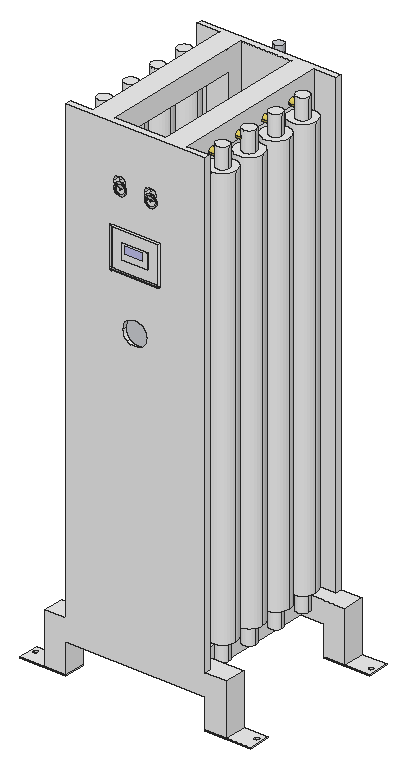
Revit family "Chaine de traitement par Absorption (support au sol) - AD5260", category Equipement spécialisé, Revit 2018
Family settings
  Cote de connecteur circulaire = Utiliser le diamètre
  Type d'élément = Normal
  Basée sur le plan de construction = Non
  Toujours verticalement = Oui
  Couper avec des vides une fois chargée = Non
  Partagée = Non
  Point de calcul de pièce = Non
Parameters (values of type "SEC 7 HC - AD 5260")
  TERRE = yes
  TENSION_ALIM = 230 V  # constant formula
  Rayon_Raccord_Face_Avant = 40 mm
  Rayon_Percement_Fixation_Sol = Diametre_Percement_Fixation_Sol / 2  # 7 mm
  Profondeur_Totale = 560 mm
  PUISS_ELECT_X = 0.15 kW
  PUISS_APPARENTE_X = PUISS_ELECT_X / COS_PHI  # 166.667 VA
  PROTEC_ELECT_X = "Disjoncteur courbe D - 1 A"
  POIDS(Kg) = 224 mm
  NEUTRE = yes
  NBR_POLES = 1
  Modèle = "SEC 7 HC - AD 5260"
  Lien espace client = "https://www.mils.fr/en/customers-area/"
  Largeur_Totale = 760 mm
  Largeur_Panneaux_Support = 460 mm
  LONGUEUR = Profondeur_Totale  # 560 mm
  LARGEUR = Largeur_Totale  # 760 mm
  Hauteur_Totale = 1690 mm
  Hauteur_Sol_Barres = 135 mm
  Hauteur_Rouleau = Hauteur_Totale - (Hauteur_Sol_Barres + E2)  # 1520 mm
  Hauteur_Manomètres = 1500 mm
  HAUTEUR = Hauteur_Totale  # 1690 mm
  Fabricant = "MIL'S"
  FREQUENCE = 50 Hz  # constant formula
  Epaisseur_Cache = 20 mm
  Epaisseur_Barre_Support = 70 mm
  Entraxe_Vertical_Fixation_Sol = 470 mm
  Entraxe_Rouleaux = 390 mm
  Entraxe_Manomètres = 100 mm
  Entraxe_Horizontal_Fixation_Sol = 730 mm
  Entraxe_Barres_Verticales = 310 mm
  Entraxe_Barres_Horizontales = 560 mm
  E2 = Epaisseur_Barre_Support / 2  # 35 mm
  E1 = Epaisseur_Barre_Support * 2  # 140 mm
  Diametre_Percement_Fixation_Sol = 14 mm
  DIAM_SORTIE_AIR = 32 mm
  DIAM_ENTREE_AIR = 25 mm
  DESCR_SORTIE_AIR = "Sortie Air ; 260 m3/h à 10 bar ; ID G 1\"1/4 ;"
  DESCR_ENTREE_AIR = "Entrée Air ; 260 m3/h à 10 bar ; ID G 1\" ;"
  DESCR_ALIM_X = "Alimentation X ; ID 3G1mm² ;"
  DEBIT_SORTIE_AIR = 260.0 m³/h
  DEBIT_ENTREE_AIR = DEBIT_SORTIE_AIR  # 260.0 m³/h
  COS_PHI = 0.9  # constant formula
Reference planes
  plane 1 "Centre (avant/arrière)": y = 0
  plane 2: z = 0
  plane 3 "Centre (gauche/droite)": x = 0
  plane 4: y = 280
  plane 5: y = 210
  plane 6: y = -210
  plane 7: y = -280
  plane 8: x = -155
  plane 9: x = -85
  plane 10: x = 85
  plane 11: x = 155
  plane 12: x = -380
  plane 13: x = 380
  plane 14: x = -120
  plane 15: x = 120
  plane 16: x = -230
  plane 17: x = 230
  plane 18: z = 1690
  plane 19: x = -195
  plane 20: x = 195
  plane 21: x = -365
  plane 22: x = 365
  plane 23: y = -235
  plane 24: y = 235
  plane 25: z = 1500
  plane 26: x = -50
  plane 27: x = 50
  plane 28: y = 165.5
  plane 29: y = 55.5
  plane 30: y = -54.5
  plane 31: y = -164.5
Forms (mm)
  Extrusion 1, solid, material "Aluminium - Laqué, Blanc"
    sketch origin (0, 0, 0) x (1, 0, 0) y (0, 1, 0)
      loop
        line (-380, 280) -> (-380, 210) -> (-230, 210) -> (-230, 280) -> (-380, 280)
      loop
        line (-380, -210) -> (-380, -280) -> (-230, -280) -> (-230, -210) -> (-380, -210)
      loop
        line (380, 280) -> (230, 280) -> (230, 210) -> (380, 210) -> (380, 280)
      loop
        line (380, -210) -> (230, -210) -> (230, -280) -> (380, -280) -> (380, -210)
    from 0 to 2.5
  Sweep 2, solid, material "Aluminium - Laqué, Blanc"
    path origin (0, 0, 0) x (1, 0, 0) y (0, 0, 1)
      loop
        line (-265, 2.5) -> (-265, 135) -> (265, 135) -> (265, 2.5)
    profile origin (-265, 0, 68.75) x (-1, 0, 0) y (0, -1, 0)
      loop
        line (-35, -280) -> (35, -280) -> (35, -210) -> (-35, -210) -> (-35, -280)
      loop
        line (-35, 210) -> (35, 210) -> (35, 280) -> (-35, 280) -> (-35, 210)
  Extrusion 3, solid, material "Aluminium - Laqué, Blanc"
    sketch origin (0, 0, 0) x (1, 0, 0) y (0, 0, 1)
      loop
        line (-155, 170) -> (-155, 100) -> (-85, 100) -> (-85, 170) -> (-155, 170)
      loop
        line (85, 170) -> (85, 100) -> (155, 100) -> (155, 170) -> (85, 170)
      loop
        line (-155, 1690) -> (-155, 1620) -> (-85, 1620) -> (-85, 1690) -> (-155, 1690)
      loop
        line (85, 1690) -> (85, 1620) -> (155, 1620) -> (155, 1690) -> (85, 1690)
    from -210 to 210
  Extrusion 4, solid, material "Aluminium - Laqué, Blanc"
    sketch origin (0, 0, 0) x (1, 0, 0) y (0, 0, 1)
      loop
        line (-230, 1690) -> (-230, 170) -> (230, 170) -> (230, 1690) -> (-230, 1690)
      loop
        circle (0, 1090.886) r 40
      loop
        circle (-50, 1520) r 20
      loop
        circle (50, 1519.869) r 20
      loop
        arc (-75, 1390) -> (-82.071, 1387.071) -> (-85, 1380) r 10
        line (-85, 1380) -> (-85, 1260)
        arc (-85, 1260) -> (-82.071, 1252.929) -> (-75, 1250) r 10
        line (-75, 1250) -> (75, 1250)
        arc (75, 1250) -> (82.071, 1252.929) -> (85, 1260) r 10
        line (85, 1260) -> (85, 1380)
        arc (85, 1380) -> (82.071, 1387.071) -> (75, 1390) r 10
        line (75, 1390) -> (-75, 1390)
    from 280 to 260
  Extrusion 5, solid
    sketch origin (0, 0, 0) x (1, 0, 0) y (0, 0, 1)
      loop
        circle (0, 1090.886) r 40
    from 260 to 270
  Extrusion 6, solid, material "Aluminium - Laqué, Blanc"
    sketch origin (0, 0, 0) x (1, 0, 0) y (0, 0, 1)
      loop
        line (-230, 1690) -> (-230, 170) -> (230, 170) -> (230, 1690) -> (-230, 1690)
    from -260 to -280
  Extrusion 7, solid, material "Aluminium - Laqué, Blanc"
    sketch origin (0, 0, 0) x (1, 0, 0) y (0, 1, 0)
      loop
        line (-155, 210) -> (-85, 210) -> (-85, 260) -> (-155, 260) -> (-155, 210)
      loop
        line (85, 210) -> (155, 210) -> (155, 260) -> (85, 260) -> (85, 210)
      loop
        line (-155, -210) -> (-155, -260) -> (-85, -260) -> (-85, -210) -> (-155, -210)
      loop
        line (155, -210) -> (85, -210) -> (85, -260) -> (155, -260) -> (155, -210)
    from 1690 to 170
  Sweep 8, solid
    path origin (0, 0, 0) x (0, 1, 0) y (0, 0, 1)
      loop
        line (280, 1650) -> (290, 1650)
        arc (290, 1650) -> (304.142, 1655.858) -> (310, 1670) r 20
        line (310, 1670) -> (310, 1690)
    profile origin (0, 285, 1650) x (0, 0, 1) y (1, 0, 0)
      loop
        circle (0, 0) r 16
  Extrusion 9, void
    sketch origin (0, 0, 0) x (1, 0, 0) y (0, 1, 0)
      loop
        circle (-365, 235) r 7
      loop
        circle (-365, -235) r 7
      loop
        circle (365, -235) r 7
      loop
        circle (365, 235) r 7
    from 0 to 2.5
  Extrusion 10, solid, material "Brass 6E7D908B"
    sketch origin (0, 0, 0) x (0, 1, 0) y (0, 0, 1)
      loop
        circle (-164.5, 1637.5) r 10
      loop
        circle (-54.5, 1637.5) r 10
      loop
        circle (55.5, 1637.5) r 10
      loop
        circle (165.5, 1637.5) r 10
    from -155 to -195
  Extrusion 11, solid, material "Brass 6E7D908B"
    sketch origin (0, 0, 0) x (0, 1, 0) y (0, 0, 1)
      loop
        circle (-164.5, 1637.5) r 10
      loop
        circle (-54.5, 1637.5) r 10
      loop
        circle (55.5, 1637.5) r 10
      loop
        circle (165.5, 1637.5) r 10
    from 155 to 195
Cuts and joins
  joined: Sweep 2, Extrusion 3, Extrusion 4, Extrusion 6, Extrusion 7
  Extrusion 9 cuts Extrusion 1
Dimensions and locks
  equal spacing: plane 4, plane 1 "Centre (avant/arrière)", plane 7
  "Profondeur_Totale": plane 4 to plane 7
  "Epaisseur_Barre_Support": plane 4 to plane 5
  "Epaisseur_Barre_Support": plane 6 to plane 7
  "Entraxe_Barres_Verticales": plane 8 to plane 11
  equal spacing: plane 8, plane 3 "Centre (gauche/droite)", plane 11
  "Epaisseur_Barre_Support": plane 8 to plane 9
  "Epaisseur_Barre_Support": plane 10 to plane 11
  equal spacing: plane 12, plane 3 "Centre (gauche/droite)", plane 13
  "Largeur_Totale": plane 12 to plane 13
  equal spacing: plane 8, plane 14, plane 9
  equal spacing: plane 10, plane 15, plane 11
  "Hauteur_Sol_Barres": Sweep 2 sketch curve to level
  "Epaisseur_Barre_Support": Sweep 2 sketch curve to plane 16
  "E2": plane 16 to Sweep 2 sketch curve
  "E2": Sweep 2 sketch curve to plane 17
  "Hauteur_Totale": plane 18 to level
  "Epaisseur_Barre_Support": plane 18 to Extrusion 3 sketch curve  (x2)
  equal spacing: plane 16, plane 3 "Centre (gauche/droite)", plane 17
  "Largeur_Panneaux_Support": plane 16 to plane 17
  equal spacing: plane 19, plane 3 "Centre (gauche/droite)", plane 20
  "Entraxe_Rouleaux": plane 19 to plane 20
  equal spacing: plane 21, plane 3 "Centre (gauche/droite)", plane 22
  equal spacing: plane 24, plane 1 "Centre (avant/arrière)", plane 23
  "Entraxe_Vertical_Fixation_Sol": plane 24 to plane 23
  "Entraxe_Horizontal_Fixation_Sol": plane 21 to plane 22
  equal spacing: plane 27, plane 3 "Centre (gauche/droite)", plane 26
  "Entraxe_Manomètres": plane 27 to plane 26
  "Hauteur_Manomètres": plane 25 to level
  "Rayon_Raccord_Face_Avant": radius of Extrusion 4 sketch curve
  "Rayon_Raccord_Face_Avant": radius of Extrusion 5 sketch curve
  "Rayon_Percement_Fixation_Sol": radius of Extrusion 9 sketch curve  (x4)
  aligned and locked: level to plane 2
  aligned and locked: Extrusion 1 sketch curve to plane 4
  aligned and locked: plane 12 to Extrusion 1 sketch curve  (x2)
  aligned and locked: plane 5 to Extrusion 1 sketch curve
  aligned and locked: Extrusion 1 sketch curve to plane 6
  aligned and locked: plane 7 to Extrusion 1 sketch curve
  aligned and locked: plane 4 to Extrusion 1 sketch curve
  aligned and locked: plane 13 to Extrusion 1 sketch curve  (x2)
  aligned and locked: Extrusion 1 sketch curve to plane 5
  aligned and locked: plane 6 to Extrusion 1 sketch curve
  aligned and locked: Extrusion 1 sketch curve to plane 7
  aligned and locked: Extrusion 1 to Sweep 2 sketch curve  (x2)
  aligned and locked: Sweep 2 sketch curve to Sweep 2 sketch curve
  aligned and locked: Extrusion 3 sketch curve to Sweep 2  (x4)
  aligned and locked: plane 8 to Extrusion 3 sketch curve
  aligned and locked: Extrusion 3 sketch curve to plane 9
  aligned and locked: plane 10 to Extrusion 3 sketch curve
  aligned and locked: Extrusion 3 sketch curve to plane 11
  aligned and locked: plane 5 to Extrusion 3
  aligned and locked: Extrusion 3 to plane 6
  aligned and locked: Extrusion 1 sketch curve to plane 16  (x2)
  aligned and locked: Extrusion 1 sketch curve to plane 17  (x2)
  aligned and locked: Sweep 2 sketch curve to plane 5
  aligned and locked: plane 6 to Sweep 2 sketch curve
  aligned and locked: plane 16 to Sweep 2 sketch curve  (x2)
  aligned and locked: Extrusion 4 sketch curve to plane 18
  aligned and locked: plane 16 to Extrusion 4 sketch curve
  aligned and locked: cut or joined group of Sweep 2, Extrusion 3, Extrusion 4, Extrusion 6, Extrusion 7 to Extrusion 4 sketch curve
  aligned and locked: Extrusion 4 sketch curve to plane 17
  aligned and locked: Extrusion 4 to plane 7
  aligned and locked: Extrusion 6 sketch curve to Extrusion 4  (x4)
  aligned and locked: plane 4 to Extrusion 6
  aligned and locked: Extrusion 3 sketch curve to plane 18  (x2)
  aligned and locked: plane 6 to Extrusion 7 sketch curve
  aligned and locked: plane 8 to Extrusion 7 sketch curve
  aligned and locked: Extrusion 7 sketch curve to plane 9
  aligned and locked: Extrusion 7 sketch curve to plane 10  (x2)
  aligned and locked: plane 11 to Extrusion 7 sketch curve  (x2)
  aligned and locked: Extrusion 4 to Extrusion 7 sketch curve
  aligned and locked: Extrusion 7 sketch curve to Extrusion 4
  aligned and locked: Extrusion 7 sketch curve to plane 8
  aligned and locked: plane 9 to Extrusion 7 sketch curve
  aligned and locked: Extrusion 7 sketch curve to plane 5  (x2)
  aligned and locked: Extrusion 7 sketch curve to Extrusion 6  (x2)
  aligned and locked: Extrusion 7 to cut or joined group of Sweep 2, Extrusion 3, Extrusion 4, Extrusion 6, Extrusion 7
  aligned and locked: plane 18 to Extrusion 7
  aligned and locked: plane 7 to nested 9
  aligned and locked: plane 7 to nested 10
  aligned and locked: plane 7 to nested 11
  aligned and locked: plane 19 to nested 1
  aligned and locked: plane 19 to nested 2
  aligned and locked: plane 19 to nested 3
  aligned and locked: plane 19 to nested 4
  aligned and locked: plane 20 to nested 5
  aligned and locked: plane 20 to nested 6
  aligned and locked: plane 20 to nested 7
  aligned and locked: plane 20 to nested 8
  aligned and locked: Extrusion 4 to nested 11  (x3)
  aligned and locked: nested 11 to Extrusion 4
  aligned and locked: plane 26 to nested 9
  aligned and locked: plane 25 to nested 9
  aligned and locked: plane 27 to nested 10
  aligned and locked: plane 25 to nested 10
  aligned and locked: Extrusion 10 to plane 19
  aligned and locked: plane 8 to Extrusion 10
  aligned and locked: plane 20 to Extrusion 11
  aligned and locked: Extrusion 11 to plane 11
Automatic sketch dimensions
  level to Sweep 2 sketch curve = 2.5 mm  (x2)
  Extrusion 3 sketch curve to plane 8 = 0 mm
  Extrusion 3 sketch curve to plane 9 = 0 mm
  Extrusion 3 sketch curve to plane 10 = 0 mm
  Extrusion 3 sketch curve to plane 11 = 0 mm
  Extrusion 7 sketch curve to plane 6 = 0 mm
  Sweep 8 sketch curve to plane 4 = 0 mm
  Sweep 8 sketch curve to plane 18 = 0 mm
  plane 4 to Sweep 8 sketch curve = 10 mm
  Sweep 8 sketch curve to Sweep 8 sketch curve = 20 mm  (x2)
  Sweep 8 sketch curve to plane 3 "Centre (gauche/droite)" = 0 mm
  Sweep 8 sketch curve to profile plane = 0 mm
  Extrusion 5 sketch curve to plane 3 "Centre (gauche/droite)" = 0 mm
  Extrusion 5 sketch curve to plane 18 = 599.114 mm
  plane 14 to Extrusion 4 sketch curve = 70 mm
  Extrusion 4 sketch curve to plane 3 "Centre (gauche/droite)" = 0 mm
  Extrusion 4 sketch curve to plane 15 = 70 mm
  plane 14 to Extrusion 4 sketch curve = 35 mm
  plane 14 to Extrusion 4 sketch curve = 45 mm  (x2)
  Extrusion 4 sketch curve to plane 10 = 10 mm
  Extrusion 4 sketch curve to plane 15 = 45 mm
  Extrusion 4 sketch curve to plane 15 = 35 mm
  Extrusion 4 sketch curve to plane 18 = 599.114 mm
  Extrusion 4 sketch curve to Extrusion 4 sketch curve = 159.114 mm
  Extrusion 4 sketch curve to Extrusion 4 sketch curve = 120 mm
  Extrusion 4 sketch curve to Extrusion 4 sketch curve = 130 mm
  Extrusion 4 sketch curve to Extrusion 4 sketch curve = 129.869 mm
  plane 21 to Extrusion 9 sketch curve = 0 mm  (x2)
  plane 24 to Extrusion 9 sketch curve = 0 mm  (x2)
  Extrusion 9 sketch curve to plane 22 = 0 mm  (x2)
  Extrusion 9 sketch curve to plane 23 = 0 mm  (x2)
  Extrusion 10 sketch curve to plane 31 = 0 mm
  Extrusion 10 sketch curve to plane 30 = 0 mm
  Extrusion 10 sketch curve to plane 29 = 0 mm
  Extrusion 10 sketch curve to plane 28 = 0 mm
  Extrusion 10 sketch curve to plane 18 = 52.5 mm  (x4)
  Extrusion 11 sketch curve to plane 31 = 0 mm
  Extrusion 11 sketch curve to plane 30 = 0 mm
  Extrusion 11 sketch curve to plane 29 = 0 mm
  Extrusion 11 sketch curve to plane 28 = 0 mm
  Extrusion 11 sketch curve to plane 18 = 52.5 mm  (x4)
  radius of Sweep 8 sketch curve = 16 mm
  radius of Extrusion 4 sketch curve = 20 mm  (x2)
  radius of Extrusion 10 sketch curve = 10 mm  (x4)
  radius of Extrusion 11 sketch curve = 10 mm  (x4)
Nested families
  nested 1: "Rouleau Filtration Air" at (-195, 165.5, 150), type "Rouleau Filtration Air"
    with Hauteur_Totale 1520 mm, Hauteur_Rouleau 1390 mm, H1 1455 mm
  nested 2: "Rouleau Filtration Air" at (-195, 55.5, 150), type "Rouleau Filtration Air"
    with Hauteur_Totale 1520 mm, Hauteur_Rouleau 1390 mm, H1 1455 mm
  nested 3: "Rouleau Filtration Air" at (-195, -54.5, 150), type "Rouleau Filtration Air"
    with Hauteur_Totale 1520 mm, Hauteur_Rouleau 1390 mm, H1 1455 mm
  nested 4: "Rouleau Filtration Air" at (-195, -164.5, 150), type "Rouleau Filtration Air"
    with Hauteur_Totale 1520 mm, Hauteur_Rouleau 1390 mm, H1 1455 mm
  nested 5: "Rouleau Filtration Air" at (195, 165.5, 150) x (-1, 0, 0) z (0, 0, 1), type "Rouleau Filtration Air"
    with Hauteur_Totale 1520 mm, Hauteur_Rouleau 1390 mm, H1 1455 mm
  nested 6: "Rouleau Filtration Air" at (195, 55.5, 150) x (-1, 0, 0) z (0, 0, 1), type "Rouleau Filtration Air"
    with Hauteur_Totale 1520 mm, Hauteur_Rouleau 1390 mm, H1 1455 mm
  nested 7: "Rouleau Filtration Air" at (195, -54.5, 150) x (-1, 0, 0) z (0, 0, 1), type "Rouleau Filtration Air"
    with Hauteur_Totale 1520 mm, Hauteur_Rouleau 1390 mm, H1 1455 mm
  nested 8: "Rouleau Filtration Air" at (195, -164.5, 150) x (-1, 0, 0) z (0, 0, 1), type "Rouleau Filtration Air"
    with Hauteur_Totale 1520 mm, Hauteur_Rouleau 1390 mm, H1 1455 mm
  nested 9: "Manomètre" at (-50, -265.5, 1500), type "Manomètre"
  nested 10: "Manomètre" at (50, -265.5, 1500), type "Manomètre"
  nested 11: "Coffret commande traitement" at (0, -215, 1320), type "Coffret commande traitement"
Connectors
  piping at (0, 310, 1690), diameter 32, driven by "DIAM_SORTIE_AIR", driven by "DEBIT_SORTIE_AIR", driven by "DESCR_SORTIE_AIR"
    settings: on Sweep 8, index 2, connector inside diameter 609.6 mm, connector length 0 mm, flow factor 0, pipe flow 260.0 m³/h, pressure drop 0.0 Pa, fitting loss kfactor 0, connector angle 0.00°, fixture units 0, engagement length 0 mm, angle of deflection 0.00°, flow configuration 0, flow direction 2, fitting loss method 0, system type 22, joint type 0, gender type 0, connector reference index -1, connector utility 1, adjustable connector no, is connector primary yes, connector description "Sortie Air ; 260 m3/h à 10 bar ; ID G 1\"1/4 ;"
  electrical at (50, -247.5, 1230), driven by "NBR_POLES", driven by "TENSION_ALIM", driven by "PUISS_APPARENTE_X", driven by "DESCR_ALIM_X"
    settings: on nested 11, index 3, voltage 230 V, apparent load 166.667 VA, apparent load phase1 0 VA, apparent load phase2 0 VA, apparent load phase3 0 VA, power factor 1, load classification "Moteur", number of poles 1, system type 30, power factor state 1, is connector primary yes, connector utility yes, sub classification motor no, connector description "Alimentation X ; ID 3G1mm² ;"
  piping at (0, -270, 1090.886), diameter 25, driven by "DIAM_ENTREE_AIR", driven by "DEBIT_ENTREE_AIR", driven by "DESCR_ENTREE_AIR"
    settings: on Extrusion 5, index 4, connector inside diameter 609.6 mm, connector length 0 mm, flow factor 0, pipe flow 260.0 m³/h, pressure drop 0.0 Pa, fitting loss kfactor 0, connector angle 0.00°, fixture units 0, engagement length 0 mm, angle of deflection 0.00°, flow configuration 0, flow direction 1, fitting loss method 0, system type 22, joint type 0, gender type 0, connector reference index -1, connector utility 1, adjustable connector no, is connector primary no, connector description "Entrée Air ; 260 m3/h à 10 bar ; ID G 1\" ;"
Definition of nested family "Rouleau Filtration Air"
  Parameters (values of type "Rouleau Filtration Air")
    Rayon_Rouleau = 44.5 mm
    Rayon_Embout = 21 mm
    Hauteur_Totale = 950 mm
    Hauteur_Rouleau = Hauteur_Totale - (Hauteur_Embout * 2)  # 820 mm
    Hauteur_Embout = 65 mm
    H1 = Hauteur_Totale - Hauteur_Embout  # 885 mm
    Diametre_Rouleau = Rayon_Rouleau * 2  # 89 mm
    Diametre_Embout = Rayon_Embout * 2  # 42 mm
  Reference planes
    plane 1 "Centre (avant/arrière)": y = 0
    plane 2: z = 0
    plane 3 "Centre (gauche/droite)": x = 0
    plane 4: z = 65
    plane 5: z = 950
    plane 6: x = -44.5
    plane 7: x = 44.5
    plane 8: z = 475
    plane 9: y = 44.5
    plane 10: y = -44.5
    plane 11: z = 917.5
    plane 12: z = 885
    plane 13: z = 32.5
  Forms (mm)
    Extrusion 1, solid
      sketch origin (0, 0, 0) x (1, 0, 0) y (0, 1, 0)
        loop
          circle (0, 0) r 21
      from 0 to 65 <- "Hauteur_Embout"
    Extrusion 2, solid
      sketch origin (0, 0, 0) x (1, 0, 0) y (0, 1, 0)
        loop
          circle (0, 0) r 44.5
      from 65 <- "Hauteur_Embout" to 885 <- "H1"
    Extrusion 3, solid
      sketch origin (0, 0, 0) x (1, 0, 0) y (0, 1, 0)
        loop
          circle (0, 0) r 21
      from 885 <- "H1" to 950 <- "Hauteur_Totale"
  Dimensions and locks
    equal spacing: plane 7, plane 3 "Centre (gauche/droite)", plane 6
    "Hauteur_Embout": plane 4 to level
    "Hauteur_Totale": plane 5 to level
    equal spacing: plane 5, plane 8, level
    "Diametre_Rouleau": plane 6 to plane 7
    equal spacing: plane 9, plane 1 "Centre (avant/arrière)", plane 10
    "Diametre_Rouleau": plane 9 to plane 10
    equal spacing: plane 5, plane 11, plane 12
    equal spacing: plane 4, plane 13, level
    equal spacing: plane 12, plane 8, plane 4
    "Hauteur_Rouleau": plane 12 to plane 4
    "Rayon_Embout": radius of Extrusion 1 sketch curve
    "Rayon_Rouleau": radius of Extrusion 2 sketch curve
    "Rayon_Embout": radius of Extrusion 3 sketch curve
    aligned and locked: level to plane 2
    aligned and locked: plane 12 to Extrusion 2
  Automatic sketch dimensions
    plane 1 "Centre (avant/arrière)" to Extrusion 1 sketch curve = 0 mm
    Extrusion 1 sketch curve to plane 3 "Centre (gauche/droite)" = 0 mm
    plane 1 "Centre (avant/arrière)" to Extrusion 2 sketch curve = 0 mm
    Extrusion 2 sketch curve to plane 3 "Centre (gauche/droite)" = 0 mm
    plane 1 "Centre (avant/arrière)" to Extrusion 3 sketch curve = 0 mm
    Extrusion 3 sketch curve to plane 3 "Centre (gauche/droite)" = 0 mm
Definition of nested family "Manomètre"
  Reference planes
    plane 1 "Centre (avant/arrière)": y = 0
    plane 2: z = 0
    plane 3 "Centre (gauche/droite)": x = 0
    plane 4: y = 12.5
    plane 5: x = 20
    plane 6: x = -20
    plane 7: z = 20
    plane 8: z = -20
    plane 9: z = 0
    plane 10: y = -14.5
  Forms (mm)
    Extrusion 1, solid
      sketch origin (-63.94, 0, -97.665) x (-1, 0, 0) y (0, 0, -1)
        loop
          circle (-63.94, -97.665) r 20
      from -12.5 to 12.5
    Extrusion 2, solid
      sketch origin (-63.94, 0, -97.665) x (-1, 0, 0) y (0, 0, -1)
        loop
          circle (-63.94, -97.665) r 20
        loop
          circle (-63.94, -97.665) r 16.483
        loop
          circle (-63.94, -97.665) r 1.016
      from 12.5 to 14.5
    Extrusion 3, solid
      sketch origin (-65, 0, -76.847) x (-1, 0, 0) y (0, 0, -1)
        loop
          line (-65.052, -78.832) -> (-50.052, -76.792) -> (-65.052, -74.752)
          arc (-65.052, -74.752) -> (-67.092, -76.792) -> (-65.052, -78.832) r 2.04
      from 13 to 14
  Dimensions and locks
    aligned and locked: level to plane 2
    aligned and locked: plane 2 to plane 9
    aligned and locked: plane 4 to Extrusion 1
    aligned and locked: plane 10 to Extrusion 2
Definition of nested family "Coffret commande traitement"
  Parameters (values of type "Coffret commande traitement")
    Profondeur_Boitier = 65 mm
    Largeur_Boitier = 170 mm
    Hauteur_Boitier = 140 mm
  Reference planes
    plane 1 "Centre (avant/arrière)": y = 0
    plane 2: z = 0
    plane 3 "Centre (gauche/droite)": x = 0
    plane 4: z = 70
    plane 5: x = -85
    plane 6: z = -70
    plane 7: x = 85
    plane 8: z = 0
  Forms (mm)
    Extrusion 1, solid
      sketch origin (0, 0, 0) x (1, 0, 0) y (0, 0, 1)
        loop
          line (-85, 70) -> (-85, -70) -> (85, -70) -> (85, 70) -> (-85, 70)
      from 0 to 65 <- "Profondeur_Boitier"
    Sweep 2, void
      path origin (0, 0, 0) x (1, 0, 0) y (0, 1, 0)
        loop
          line (-85, 0) -> (-85, -65) -> (85, -65) -> (85, 0)
      profile origin (-85, -32.5, 0) x (1, 0, 0) y (0, 0, 1)
        loop
          line (10, 70) -> (0, 70) -> (0, 60)
          arc (0, 60) -> (2.929, 67.071) -> (10, 70) r 10
        loop
          arc (10, -70) -> (2.929, -67.071) -> (0, -60) r 10
          line (0, -60) -> (0, -70) -> (10, -70)
    Sweep 3, void
      path origin (0, 0, 0) x (0, 1, 0) y (0, 0, 1)
        loop
          line (-65, 70) -> (-65, -70)
      profile origin (0, -65, 0) x (1, 0, 0) y (0, 1, 0)
        loop
          arc (85, 10) -> (82.071, 2.929) -> (75, 0) r 10
          line (75, 0) -> (85, 0) -> (85, 10)
        loop
          line (-85, 10) -> (-85, 0) -> (-75, 0)
          arc (-75, 0) -> (-82.071, 2.929) -> (-85, 10) r 10
    Extrusion 4, solid
      sketch origin (0, 0, 0) x (1, 0, 0) y (0, 1, 0)
        loop
          circle (-50, -32.5) r 10
        loop
          circle (50, -32.5) r 10
      from -70 to -90
    Extrusion 5, solid
      sketch origin (0, 0, 0) x (1, 0, 0) y (0, 0, 1)
        loop
          line (-42.5, 25) -> (-42.5, -25) -> (42.5, -25) -> (42.5, 25) -> (-42.5, 25)
      from 65 to 66
    Extrusion 6, solid
      sketch origin (0, 0, 0) x (1, 0, 0) y (0, 0, 1)
        loop
          line (-34.092, 18.982) -> (-34.092, -6.018) -> (25.908, -6.018) -> (25.908, 18.982) -> (-34.092, 18.982)
      from 65 to 67
  Cuts and joins
    Sweep 2, Sweep 3 cuts Extrusion 1
  Dimensions and locks
    equal spacing: plane 7, plane 3 "Centre (gauche/droite)", plane 5
    equal spacing: plane 4, level, plane 6
    "Largeur_Boitier": plane 7 to plane 5
    "Hauteur_Boitier": plane 4 to plane 6
    aligned and locked: level to plane 2
    aligned and locked: Extrusion 1 sketch curve to plane 4
    aligned and locked: plane 5 to Extrusion 1 sketch curve
    aligned and locked: plane 6 to Extrusion 1 sketch curve
    aligned and locked: Extrusion 1 sketch curve to plane 7
    aligned and locked: plane 2 to plane 8
  Automatic sketch dimensions
    Sweep 2 sketch curve to plane 5 = 0 mm
    Sweep 2 sketch curve to plane 7 = 0 mm
    plane 1 "Centre (avant/arrière)" to Sweep 2 sketch curve = 0 mm  (x2)
    plane 1 "Centre (avant/arrière)" to Sweep 2 sketch curve = 65 mm
    profile plane to Sweep 2 sketch curve = 0 mm  (x2)
    Sweep 2 sketch curve to Sweep 2 sketch curve = 10 mm  (x3)
    Sweep 2 sketch curve to level = 70 mm
    level to Sweep 2 sketch curve = 60 mm
    Sweep 2 sketch curve to Sweep 2 sketch curve = 0 mm  (x3)
    Sweep 3 sketch curve to plane 6 = 0 mm
    Sweep 3 sketch curve to plane 4 = 0 mm
    plane 1 "Centre (avant/arrière)" to Sweep 3 sketch curve = 65 mm
    profile plane to Sweep 3 sketch curve = 0 mm  (x2)
    Sweep 3 sketch curve to plane 3 "Centre (gauche/droite)" = 85 mm
    Sweep 3 sketch curve to profile plane = 10 mm  (x2)
    plane 3 "Centre (gauche/droite)" to Sweep 3 sketch curve = 75 mm
    Sweep 3 sketch curve to Sweep 3 sketch curve = 0 mm  (x2)
    plane 5 to Extrusion 4 sketch curve = 35 mm
    Extrusion 4 sketch curve to plane 7 = 35 mm
    plane 1 "Centre (avant/arrière)" to Extrusion 4 sketch curve = 32.5 mm  (x2)
    plane 5 to Extrusion 5 sketch curve = 42.5 mm
    plane 3 "Centre (gauche/droite)" to Extrusion 5 sketch curve = 42.5 mm
    Extrusion 5 sketch curve to level = 25 mm
    level to Extrusion 5 sketch curve = 25 mm
    Extrusion 6 sketch curve to level = 6.018 mm
    Extrusion 6 sketch curve to plane 3 "Centre (gauche/droite)" = 34.092 mm
    plane 3 "Centre (gauche/droite)" to Extrusion 6 sketch curve = 25.908 mm
    level to Extrusion 6 sketch curve = 18.982 mm
    radius of Extrusion 4 sketch curve = 10 mm  (x2)
